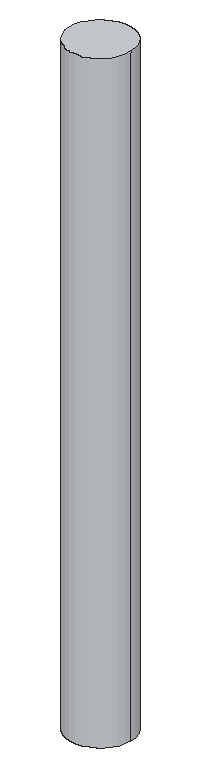
Revit family
Parameters (values of type "12" Diameter")
  Assembly Code = "B1010200"
  Diameter = 1' - 0"
  Material = none
  Offset Base = 0' - 0"
  Offset Top = 0' - 0"
Types (4): name | Diameter
  (no name) | 1' - 0"
  06" Diameter | 0' - 6"
  12" Diameter | 1' - 0"
  24" Diameter | 2' - 0"
Reference planes (in)
  plane 1: y = 0
  plane 2: z = 0
  plane 3: x = 0
  plane 4: x = -6
  plane 5: x = 6
  plane 6: y = 6
  plane 7: y = -6
  plane 8: z = 120
  plane 9: z = 0
Forms (in)
  Extrusion 1, solid, material <- "Material"
    sketch origin (0, 0, 0) x (1, 0, 0) y (0, 1, 0)
      loop
        arc (-6, 0) -> (0, -6) -> (6, 0) r 6
        arc (6, 0) -> (4.24264, 4.24264) -> (0, 6) r 6
        arc (0, 6) -> (-4.24264, 4.24264) -> (-6, 0) r 6
    from 0 to 120
Dimensions and locks (in)
  equal spacing: plane 4, plane 3, plane 5
  "Diameter": plane 4 to plane 5
  equal spacing: plane 6, plane 1, plane 7
  "Diameter": plane 7 to plane 6
  "Offset Base": plane 9 to level
  "Offset Top": level to plane 8
  aligned and locked: Extrusion 1 to plane 9
  aligned and locked: plane 8 to Extrusion 1
Automatic sketch dimensions
  Extrusion 1 sketch curve to plane 1 = 0' - 0"  (x2)
  Extrusion 1 sketch curve to plane 4 = 0' - 0"  (x2)
  Extrusion 1 sketch curve to plane 3 = 0' - 0"
